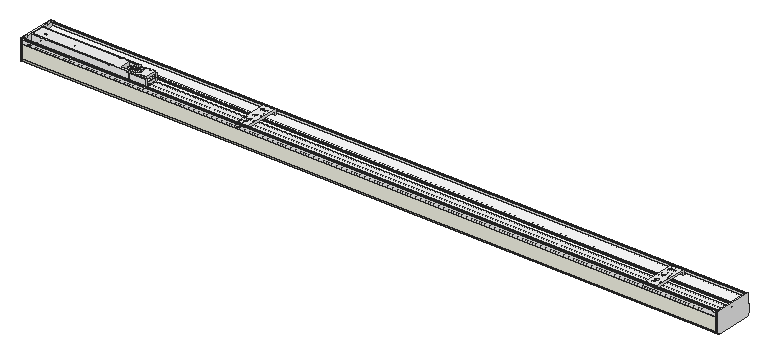
Revit family "STL23941_30_40_50", category Luminárias, Revit 2023
Family settings
  Hospedeiro = Forro
  Cota do conector redondo = Utilizar diâmetro
  Tipo de parte = Normal
  Número OmniClass = 23.80.70.11
  Título OmniClass = Luminaries for Internal Lighting
  Sempre na vertical = Sim
  Corte com vazios quando carregada = Não
  Fonte luminosa = Sim
  Manter orientação da anotação = Não
  Compartilhado = Não
  Ponto de cálculo do ambiente = Não
Parameters (values of type "STL23941/30 - BRANCO - 3000K - 3600lm - 140º")
  Ângulo de inclinação = 90.00°
  Ângulo de Abertura = "140º"
  Wattage = 24.2356 W
  URL = "https://stella.com.br/"
  Troca de temperatura da cor de lâmpada com esmaecimento = <Nenhum>
  Tensão Elétrica = "100V-240V"
  built-in parameter 1150107 = 3000 (stored number, unit not read)
  Temperatura da cor (K) = 3000 K
  Referência = "STL23941/30 - BRANCO"
  Potência = 32 W
  built-in parameter 1150110 = 1 (stored number, unit not read)
  built-in parameter 1150109 = 1 (stored number, unit not read)
  built-in parameter 1114218 = 1 (stored number, unit not read)
  built-in parameter 1150112 = 1 (stored number, unit not read)
  built-in parameter 1150113 = 1 (stored number, unit not read)
  built-in parameter 1150132 = 2
  built-in parameter 1150137 = (empty or 0)
  Modelo = "Plane"
  Luminoso = Luminoso - 3000K
  built-in parameter 1150106 = 2.8648 (stored number, unit not read)
  Largura = 0.067 m
  built-in parameter 1150102 = (empty or 0)
  built-in parameter 1150105 = 286.48 (stored number, unit not read)
  IRC (Índice de reprodução de cores) = ">80"
  Grau de proteção (IP) = "IP20"
  Fluxo Luminoso = 3600 lm
  Color Filter = 16777215
  built-in parameter 1114217 = 1 (stored number, unit not read)
  built-in parameter 1150139 = (empty or 0)
  Fabricante = "Stella"
  Estrutura = Al - Branco
  Default Elevation = 0.00 m
  built-in parameter 1150104 = 13.8 (stored number, unit not read)
  Dimerização = "Não dimerizável"
  built-in parameter 1150115 = 1 (stored number, unit not read)
  built-in parameter 1150114 = 1 (stored number, unit not read)
  Lumens = 3600 lm
  built-in parameter 1150138 = (empty or 0)
  built-in parameter 1150134 = (empty or 0)
  Comprimento = 1.20 m
  Arquivo de rede fotométrica = "STELLA - STL23941-30 - LUMINARIA DE SOBREPOR PLANE 120CM.ies"
  Altura = 0.036 m
  built-in parameter 1150133 = 10 (stored number, unit not read)
Types (4, lengths in m): name | Wattage | built-in parameter 1150107 | Temperatura da cor (K) | Referência | Luminoso | built-in parameter 1150106 | built-in parameter 1150105 | Fluxo Luminoso | Lumens | built-in parameter 1150134 | Arquivo de rede fotométrica
  (no name) | 24.2356 W | 3000 (stored number, unit not read) | 3000 K | "STL23941/30 - BRANCO" | Luminoso - 3000K | 2.8648 (stored number, unit not read) | 286.48 (stored number, unit not read) | 3600 lm | 3600 lm | (empty or 0) | "STELLA - STL23941-30 - LUMINARIA DE SOBREPOR PLANE 120CM.ies"
  STL23941/30 - BRANCO - 3000K - 3600lm - 140º | 24.2356 W | 3000 (stored number, unit not read) | 3000 K | "STL23941/30 - BRANCO" | Luminoso - 3000K | 2.8648 (stored number, unit not read) | 286.48 (stored number, unit not read) | 3600 lm | 3600 lm | (empty or 0) | "STELLA - STL23941-30 - LUMINARIA DE SOBREPOR PLANE 120CM.ies"
  STL23941/40 - BRANCO - 4000K - 3800lm - 140° | 25.582 W | 4000 (stored number, unit not read) | 4000 K | "STL23941/40 - BRANCO" | Luminoso - 4000K | 3.0239 (stored number, unit not read) | 302.39 (stored number, unit not read) | 3800 lm | 3800 lm | 12 | "STELLA - STL23941-40 - LUMINARIA DE SOBREPOR PLANE 120 CM.ies"
  STL23941/50 - BRANCO - 5000K - 4000lm - 140° | 26.9284 W | 5000 (stored number, unit not read) | 5000 K | "STL23941/50 - BRANCO" | Luminoso - 5000K | 3.1831 (stored number, unit not read) | 318.31 (stored number, unit not read) | 4000 lm | 4000 lm | 2 | "STELLA - STL23941-50 - LUMINARIA DE SOBREPOR PLANE 120 CM.ies"
Reference planes (m)
  plane 1 "Eixo de origem da luz (F/T)": y = 0
  plane 2 "Forro": z = 2.4384
  plane 3 "Eixo de origem da luz (E/D)": x = 0
  plane 4 "Elevação da origem da luz": z = 2.2344
  plane 5: y = 0.0335
  plane 6: y = -0.0335
  plane 7: x = -0.6
  plane 8: x = 0.6
  plane 9 "Inferior": z = 2.4024
  plane 10 "Superior": z = 2.4384
  plane 11 "Conector": z = 2.4204
Forms (m)
  Extrusion 1, solid, material "Luminoso - 3000K" <- "Luminoso"
    sketch origin (0, 0, 0.001) x (0, 1, 0) y (0, 0, 1)
      loop
        line (-0.033, 2.429284) -> (-0.033, 2.4064)
        arc (-0.033, 2.4064) -> (-0.031828, 2.403572) -> (-0.029, 2.4024) r 0.004
        line (-0.029, 2.4024) -> (0.029, 2.4024)
        arc (0.029, 2.4024) -> (0.031828, 2.403572) -> (0.033, 2.4064) r 0.004
        line (0.033, 2.4064) -> (0.033, 2.429284) -> (0.0319, 2.429284) -> (0.0319, 2.406449)
        arc (0.0319, 2.406449) -> (0.030981, 2.404333) -> (0.028846, 2.403461) r 0.003057
        line (0.028846, 2.403461) -> (-0.028846, 2.403461)
        arc (-0.028846, 2.403461) -> (-0.030981, 2.404333) -> (-0.0319, 2.406449) r 0.003057
        line (-0.0319, 2.406449) -> (-0.0319, 2.429284) -> (-0.033, 2.429284)
    from -0.5952 to 0.5952
  Extrusion 2, solid, material "Al - Branco" <- "Estrutura"
    sketch origin (0.3, 0, 0) x (0, 1, 0) y (0, 0, 1)
      loop
        arc (-0.0318, 2.4384) -> (-0.032649, 2.438049) -> (-0.033, 2.4372) r 0.0012
        line (-0.033, 2.4372) -> (-0.033, 2.4074)
        arc (-0.033, 2.4074) -> (-0.031828, 2.404572) -> (-0.029, 2.4034) r 0.004
        line (-0.029, 2.4034) -> (0.029, 2.4034)
        arc (0.029, 2.4034) -> (0.031828, 2.404572) -> (0.033, 2.4074) r 0.004
        line (0.033, 2.4074) -> (0.033, 2.4372)
        arc (0.033, 2.4372) -> (0.032649, 2.438049) -> (0.0318, 2.4384) r 0.0012
        line (0.0318, 2.4384) -> (-0.0318, 2.4384)
    from 0.2952 to 0.2975
  Extrusion 3, solid, material "Al - Branco" <- "Estrutura"
    sketch origin (0, 0, 0) x (0, 1, 0) y (0, 0, 1)
      loop
        line (-0.033, 2.4372) -> (-0.033, 2.430284) -> (-0.0319, 2.430284) -> (-0.020538, 2.42575) -> (-0.020945, 2.424728)
        arc (-0.020945, 2.424728) -> (-0.020937, 2.424116) -> (-0.020499, 2.423688) r 0.0008
        line (-0.020499, 2.423688) -> (-0.019384, 2.423244)
        spline (-0.019384, 2.423244) -> (-0.019338, 2.42324) -> (-0.019284, 2.423261) -> (-0.019227, 2.423307) -> (-0.019171, 2.423374) -> (-0.019119, 2.423457) -> (-0.019075, 2.423551) -> (-0.019042, 2.423649) -> (-0.019023, 2.423745) -> (-0.019018, 2.423832) -> (-0.019027, 2.423905) -> (-0.019051, 2.423957) -> (-0.019088, 2.423987)
        line (-0.019088, 2.423987) -> (-0.020295, 2.424468) -> (-0.019888, 2.42549) -> (-0.0119, 2.422302) -> (-0.012308, 2.421281) -> (-0.013515, 2.421763)
        spline (-0.013515, 2.421763) -> (-0.013562, 2.421766) -> (-0.013616, 2.421745) -> (-0.013672, 2.421699) -> (-0.013729, 2.421632) -> (-0.013781, 2.421549) -> (-0.013824, 2.421455) -> (-0.013857, 2.421357) -> (-0.013877, 2.421261) -> (-0.013882, 2.421174) -> (-0.013872, 2.421101) -> (-0.013848, 2.421049) -> (-0.013812, 2.42102)
        line (-0.013812, 2.42102) -> (-0.012697, 2.420575)
        arc (-0.012697, 2.420575) -> (-0.012085, 2.420583) -> (-0.011658, 2.421021) r 0.0008
        line (-0.011658, 2.421021) -> (-0.011307, 2.4219) -> (-0.005, 2.4219) -> (-0.005, 2.4208)
        arc (-0.005, 2.4208) -> (-0.004766, 2.420234) -> (-0.0042, 2.42) r 0.0008
        line (-0.0042, 2.42) -> (-0.003, 2.42)
        spline (-0.003, 2.42) -> (-0.00293, 2.420014) -> (-0.002865, 2.420054) -> (-0.00281, 2.420117) -> (-0.002767, 2.4202) -> (-0.00274, 2.420296) -> (-0.002731, 2.4204) -> (-0.00274, 2.420504) -> (-0.002767, 2.4206) -> (-0.00281, 2.420683) -> (-0.002865, 2.420746) -> (-0.00293, 2.420786) -> (-0.003, 2.4208)
        line (-0.003, 2.4208) -> (-0.0043, 2.4208) -> (-0.0043, 2.4219) -> (0.0043, 2.4219) -> (0.0043, 2.4208) -> (0.003, 2.4208)
        spline (0.003, 2.4208) -> (0.00293, 2.420786) -> (0.002865, 2.420746) -> (0.00281, 2.420683) -> (0.002767, 2.4206) -> (0.00274, 2.420504) -> (0.002731, 2.4204) -> (0.00274, 2.420296) -> (0.002767, 2.4202) -> (0.00281, 2.420117) -> (0.002865, 2.420054) -> (0.00293, 2.420014) -> (0.003, 2.42)
        line (0.003, 2.42) -> (0.0042, 2.42)
        arc (0.0042, 2.42) -> (0.004766, 2.420234) -> (0.005, 2.4208) r 0.0008
        line (0.005, 2.4208) -> (0.005, 2.4219) -> (0.011307, 2.4219) -> (0.011658, 2.421021)
        arc (0.011658, 2.421021) -> (0.012085, 2.420583) -> (0.012697, 2.420575) r 0.0008
        line (0.012697, 2.420575) -> (0.013812, 2.42102)
        spline (0.013812, 2.42102) -> (0.013848, 2.421049) -> (0.013872, 2.421101) -> (0.013882, 2.421174) -> (0.013877, 2.421261) -> (0.013857, 2.421357) -> (0.013824, 2.421455) -> (0.013781, 2.421549) -> (0.013729, 2.421632) -> (0.013672, 2.421699) -> (0.013616, 2.421745) -> (0.013562, 2.421766) -> (0.013515, 2.421763)
        line (0.013515, 2.421763) -> (0.012308, 2.421281) -> (0.0119, 2.422302) -> (0.019888, 2.42549) -> (0.020295, 2.424468) -> (0.019088, 2.423987)
        spline (0.019088, 2.423987) -> (0.019051, 2.423957) -> (0.019027, 2.423905) -> (0.019018, 2.423832) -> (0.019023, 2.423745) -> (0.019042, 2.423649) -> (0.019075, 2.423551) -> (0.019119, 2.423457) -> (0.019171, 2.423374) -> (0.019227, 2.423307) -> (0.019284, 2.423261) -> (0.019338, 2.42324) -> (0.019384, 2.423244)
        line (0.019384, 2.423244) -> (0.020499, 2.423688)
        arc (0.020499, 2.423688) -> (0.020937, 2.424116) -> (0.020945, 2.424728) r 0.0008
        line (0.020945, 2.424728) -> (0.020538, 2.42575) -> (0.0319, 2.430284) -> (0.033, 2.430284) -> (0.033, 2.4372)
        arc (0.033, 2.4372) -> (0.032649, 2.438049) -> (0.0318, 2.4384) r 0.0012
        line (0.0318, 2.4384) -> (0.0302, 2.4384)
        spline (0.0302, 2.4384) -> (0.03014, 2.438383) -> (0.030084, 2.438333) -> (0.030036, 2.438254) -> (0.03, 2.43815) -> (0.029976, 2.438029) -> (0.029969, 2.4379) -> (0.029976, 2.437771) -> (0.03, 2.43765) -> (0.030036, 2.437546) -> (0.030084, 2.437467) -> (0.03014, 2.437417) -> (0.0302, 2.4374)
        line (0.0302, 2.4374) -> (0.032, 2.4374) -> (0.032, 2.431401) -> (0.01572, 2.424903) -> (0.015312, 2.425925)
        arc (0.015312, 2.425925) -> (0.014885, 2.426364) -> (0.014273, 2.426372) r 0.0008
        line (0.014273, 2.426372) -> (0.013344, 2.426001)
        spline (0.013344, 2.426001) -> (0.013302, 2.425969) -> (0.013272, 2.425915) -> (0.013258, 2.425841) -> (0.01326, 2.425752) -> (0.013277, 2.425655) -> (0.013309, 2.425557) -> (0.013354, 2.425463) -> (0.013408, 2.425381) -> (0.013468, 2.425315) -> (0.013529, 2.425271) -> (0.013588, 2.425252) -> (0.01364, 2.425258)
        line (0.01364, 2.425258) -> (0.014662, 2.425666) -> (0.01507, 2.424644) -> (0.0107, 2.4229) -> (-0.0107, 2.4229) -> (-0.01507, 2.424644) -> (-0.014662, 2.425666) -> (-0.01364, 2.425258)
        spline (-0.01364, 2.425258) -> (-0.013588, 2.425252) -> (-0.013529, 2.425271) -> (-0.013468, 2.425315) -> (-0.013408, 2.425381) -> (-0.013354, 2.425463) -> (-0.013309, 2.425557) -> (-0.013277, 2.425655) -> (-0.01326, 2.425752) -> (-0.013258, 2.425841) -> (-0.013272, 2.425915) -> (-0.013302, 2.425969) -> (-0.013344, 2.426001)
        line (-0.013344, 2.426001) -> (-0.014273, 2.426372)
        arc (-0.014273, 2.426372) -> (-0.014885, 2.426364) -> (-0.015312, 2.425925) r 0.0008
        line (-0.015312, 2.425925) -> (-0.01572, 2.424903) -> (-0.032, 2.431401) -> (-0.032, 2.4374) -> (-0.0302, 2.4374)
        spline (-0.0302, 2.4374) -> (-0.03014, 2.437417) -> (-0.030084, 2.437467) -> (-0.030036, 2.437546) -> (-0.03, 2.43765) -> (-0.029976, 2.437771) -> (-0.029969, 2.4379) -> (-0.029976, 2.438029) -> (-0.03, 2.43815) -> (-0.030036, 2.438254) -> (-0.030084, 2.438333) -> (-0.03014, 2.438383) -> (-0.0302, 2.4384)
        line (-0.0302, 2.4384) -> (-0.0318, 2.4384)
        arc (-0.0318, 2.4384) -> (-0.032649, 2.438049) -> (-0.033, 2.4372) r 0.0012
    from -0.5952 to 0.5952
  Extrusion 4, solid, material "Al - Branco" <- "Estrutura"
    sketch origin (-0.3, 0, 0) x (0, 1, 0) y (0, 0, -1)
      loop
        line (-0.0318, -2.4384) -> (0.0318, -2.4384)
        arc (0.0318, -2.4384) -> (0.032649, -2.438049) -> (0.033, -2.4372) r 0.0012
        line (0.033, -2.4372) -> (0.033, -2.4074)
        arc (0.033, -2.4074) -> (0.031828, -2.404572) -> (0.029, -2.4034) r 0.004
        line (0.029, -2.4034) -> (-0.029, -2.4034)
        arc (-0.029, -2.4034) -> (-0.031828, -2.404572) -> (-0.033, -2.4074) r 0.004
        line (-0.033, -2.4074) -> (-0.033, -2.4372)
        arc (-0.033, -2.4372) -> (-0.032649, -2.438049) -> (-0.0318, -2.4384) r 0.0012
    from 0.2952 to 0.2975
  Extrusion 5, void
    sketch origin (-0.3, 0, 0) x (0, 1, 0) y (0, 0, -1)
      loop
        line (-0.02846, -2.4384) -> (-0.02004, -2.4384) -> (-0.02025, -2.4344) -> (-0.02825, -2.4344) -> (-0.02846, -2.4384)
    from 0.2952 to 0.2963
  Extrusion 6, void
    sketch origin (-0.3, 0, 0) x (0, -1, 0) y (0, 0, 1)
      loop
        line (-0.02846, 2.4384) -> (-0.02825, 2.4344) -> (-0.02025, 2.4344) -> (-0.02004, 2.4384) -> (-0.02846, 2.4384)
    from 0.2952 to 0.2963
  Extrusion 7, void
    sketch origin (-0.3, 0, 0) x (0, 1, 0) y (0, 0, -1)
      loop
        line (0.003867, -2.432603) -> (0.002813, -2.431548) -> (-0.002812, -2.431548) -> (-0.003867, -2.432603) -> (0.003867, -2.432603)
      loop
        line (0.002813, -2.430142) -> (0.002813, -2.429087) -> (-0.002812, -2.429087) -> (-0.002812, -2.430142) -> (0.002813, -2.430142)
      loop
        line (-0.002812, -2.427681) -> (0.002813, -2.427681) -> (0.003867, -2.426626) -> (-0.003867, -2.426626) -> (-0.002812, -2.427681)
    from 0.29731 to 0.2975
  Extrusion 8, void
    sketch origin (0.3, 0, 0) x (0, 1, 0) y (0, 0, 1)
      loop
        line (-0.02846, 2.4384) -> (-0.02825, 2.4344) -> (-0.02025, 2.4344) -> (-0.02004, 2.4384) -> (-0.02846, 2.4384)
    from 0.2952 to 0.2963
  Extrusion 9, void
    sketch origin (0.3, 0, 0) x (0, -1, 0) y (0, 0, -1)
      loop
        line (-0.02846, -2.4384) -> (-0.02004, -2.4384) -> (-0.02025, -2.4344) -> (-0.02825, -2.4344) -> (-0.02846, -2.4384)
    from 0.2952 to 0.2963
  Extrusion 10, void
    sketch origin (0.3, 0, 0) x (0, 1, 0) y (0, 0, 1)
      loop
        line (0.003867, 2.432603) -> (-0.003867, 2.432603) -> (-0.002812, 2.431548) -> (0.002813, 2.431548) -> (0.003867, 2.432603)
      loop
        line (0.002813, 2.430142) -> (-0.002812, 2.430142) -> (-0.002812, 2.429087) -> (0.002813, 2.429087) -> (0.002813, 2.430142)
      loop
        line (-0.002812, 2.427681) -> (-0.003867, 2.426626) -> (0.003867, 2.426626) -> (0.002813, 2.427681) -> (-0.002812, 2.427681)
    from 0.29731 to 0.2975
Cuts and joins
  Extrusion 5, Extrusion 6, Extrusion 7, Extrusion 8, Extrusion 9, Extrusion 10 cuts Extrusion 2
  Extrusion 5, Extrusion 6, Extrusion 7, Extrusion 8, Extrusion 9, Extrusion 10 cuts Extrusion 4
Dimensions and locks (m)
  equal spacing: host sketch curve, plane 3 "Eixo de origem da luz (E/D)", host sketch curve
  equal spacing: host sketch curve, plane 1 "Eixo de origem da luz (F/T)", host sketch curve
  host sketch curve to host sketch curve = 1.212 m
  host sketch curve to host sketch curve = 0.079 m
  "Altura": plane 10 "Superior" to plane 9 "Inferior"
  "Comprimento": plane 7 to plane 8
  "Largura": plane 5 to plane 6
Automatic sketch dimensions
  plane 6 to Extrusion 1 sketch curve = 0.0005 m
  Extrusion 1 sketch curve to Extrusion 1 sketch curve = 0.0011 m
  plane 9 "Inferior" to Extrusion 1 sketch curve = 0.001 m
  plane 6 to Extrusion 1 sketch curve = 0.0045 m
  Extrusion 1 sketch curve to Extrusion 1 sketch curve = 0.000154 m
  Extrusion 1 sketch curve to Extrusion 1 sketch curve = 0.000156 m  (x2)
  Extrusion 1 sketch curve to plane 5 = 0.004656 m
  Extrusion 1 sketch curve to Extrusion 1 sketch curve = 0.000002 m
  Extrusion 1 sketch curve to plane 5 = 0.0016 m
  Extrusion 1 sketch curve to plane 5 = 0.0005 m
  Extrusion 1 sketch curve to Extrusion 1 sketch curve = 0.001061 m
  Extrusion 1 sketch curve to Extrusion 1 sketch curve = 0.000049 m  (x2)
  Extrusion 1 sketch curve to plane 2 "Forro" = 0.008116 m  (x2)
  Extrusion 2 sketch curve to plane 2 "Forro" = 0.00 m
  plane 6 to Extrusion 2 sketch curve = 0.0005 m
  Extrusion 2 sketch curve to Extrusion 2 sketch curve = 0.0012 m
  plane 9 "Inferior" to Extrusion 2 sketch curve = 0.001 m
  plane 6 to Extrusion 2 sketch curve = 0.0045 m
  Extrusion 2 sketch curve to plane 5 = 0.0045 m
  Extrusion 2 sketch curve to plane 5 = 0.0017 m
  Extrusion 2 sketch curve to plane 5 = 0.0005 m
  Extrusion 3 sketch curve to plane 2 "Forro" = 0.00 m  (x2)
  Extrusion 3 sketch curve to plane 11 "Conector" = 0.00 m  (x2)
  plane 6 to Extrusion 3 sketch curve = 0.0005 m
  Extrusion 3 sketch curve to Extrusion 3 sketch curve = 0.001 m
  Extrusion 3 sketch curve to Extrusion 3 sketch curve = 0.0011 m
  Extrusion 3 sketch curve to Extrusion 3 sketch curve = 0.0002 m  (x2)
  Extrusion 3 sketch curve to Extrusion 3 sketch curve = 0.0016 m  (x2)
  plane 11 "Conector" to Extrusion 3 sketch curve = 0.004328 m  (x2)
  Extrusion 3 sketch curve to Extrusion 3 sketch curve = 0.010955 m
  plane 11 "Conector" to Extrusion 3 sketch curve = 0.00535 m
  Extrusion 3 sketch curve to Extrusion 3 sketch curve = 0.000408 m  (x2)
  plane 11 "Conector" to Extrusion 3 sketch curve = 0.003288 m  (x2)
  Extrusion 3 sketch curve to Extrusion 3 sketch curve = 0.000446 m
  plane 11 "Conector" to Extrusion 3 sketch curve = 0.004068 m
  Extrusion 3 sketch curve to Extrusion 3 sketch curve = 0.00065 m  (x10)
  Extrusion 3 sketch curve to Extrusion 3 sketch curve = 0.000093 m  (x5)
  plane 11 "Conector" to Extrusion 3 sketch curve = 0.00509 m  (x2)
  plane 11 "Conector" to Extrusion 3 sketch curve = 0.002844 m  (x2)
  Extrusion 3 sketch curve to Extrusion 3 sketch curve = 0.001115 m  (x2)
  plane 11 "Conector" to Extrusion 3 sketch curve = 0.004503 m  (x2)
  Extrusion 3 sketch curve to Extrusion 3 sketch curve = 0.003368 m  (x2)
  plane 11 "Conector" to Extrusion 3 sketch curve = 0.005525 m  (x2)
  plane 11 "Conector" to Extrusion 3 sketch curve = 0.004244 m
  plane 11 "Conector" to Extrusion 3 sketch curve = 0.005266 m  (x2)
  plane 11 "Conector" to Extrusion 3 sketch curve = 0.005972 m  (x2)
  Extrusion 3 sketch curve to Extrusion 3 sketch curve = 0.000297 m  (x5)
  plane 11 "Conector" to Extrusion 3 sketch curve = 0.00062 m  (x2)
  Extrusion 3 sketch curve to Extrusion 3 sketch curve = 0.001258 m
  plane 11 "Conector" to Extrusion 3 sketch curve = 0.004858 m  (x2)
  plane 11 "Conector" to Extrusion 3 sketch curve = 0.001363 m  (x2)
  plane 11 "Conector" to Extrusion 3 sketch curve = 0.005601 m  (x2)
  plane 11 "Conector" to Extrusion 3 sketch curve = 0.000175 m  (x2)
  plane 11 "Conector" to Extrusion 3 sketch curve = 0.000881 m  (x2)
  plane 11 "Conector" to Extrusion 3 sketch curve = 0.000621 m  (x2)
  plane 11 "Conector" to Extrusion 3 sketch curve = 0.0015 m  (x2)
  Extrusion 3 sketch curve to Extrusion 3 sketch curve = 0.000593 m  (x2)
  plane 11 "Conector" to Extrusion 3 sketch curve = 0.0025 m
  plane 1 "Eixo de origem da luz (F/T)" to Extrusion 3 sketch curve = 0.005 m
  Extrusion 3 sketch curve to Extrusion 3 sketch curve = 0.0007 m  (x2)
  Extrusion 3 sketch curve to plane 11 "Conector" = 0.0004 m
  Extrusion 3 sketch curve to Extrusion 3 sketch curve = 0.0001 m
  Extrusion 3 sketch curve to Extrusion 3 sketch curve = 0.0012 m  (x2)
  plane 11 "Conector" to Extrusion 3 sketch curve = 0.0004 m  (x2)
  Extrusion 3 sketch curve to plane 1 "Eixo de origem da luz (F/T)" = 0.003 m
  Extrusion 3 sketch curve to Extrusion 3 sketch curve = 0.0057 m
  Extrusion 3 sketch curve to Extrusion 3 sketch curve = 0.000607 m
  Extrusion 3 sketch curve to Extrusion 3 sketch curve = 0.000351 m
  plane 11 "Conector" to Extrusion 3 sketch curve = 0.001902 m
  Extrusion 3 sketch curve to Extrusion 3 sketch curve = 0.001444 m
  Extrusion 3 sketch curve to Extrusion 3 sketch curve = 0.000929 m
  plane 11 "Conector" to Extrusion 3 sketch curve = 0.003587 m
  Extrusion 3 sketch curve to plane 2 "Forro" = 0.001 m  (x2)
  Extrusion 3 sketch curve to plane 5 = 0.0033 m
  Extrusion 3 sketch curve to plane 5 = 0.0016 m
  Extrusion 3 sketch curve to plane 5 = 0.0005 m
  Extrusion 3 sketch curve to Extrusion 3 sketch curve = 0.00 m
  Extrusion 3 sketch curve to Extrusion 3 sketch curve = 0.000259 m
  Extrusion 4 sketch curve to plane 2 "Forro" = 0.00 m
  plane 6 to Extrusion 4 sketch curve = 0.0005 m
  Extrusion 4 sketch curve to plane 2 "Forro" = 0.0012 m
  plane 9 "Inferior" to Extrusion 4 sketch curve = 0.001 m
  plane 6 to Extrusion 4 sketch curve = 0.0045 m
  Extrusion 4 sketch curve to plane 5 = 0.0045 m
  Extrusion 4 sketch curve to plane 5 = 0.0017 m
  Extrusion 4 sketch curve to plane 5 = 0.0005 m
  Extrusion 5 sketch curve to plane 2 "Forro" = 0.00 m
  plane 6 to Extrusion 5 sketch curve = 0.00504 m
  Extrusion 5 sketch curve to Extrusion 5 sketch curve = 0.00021 m  (x2)
  Extrusion 5 sketch curve to plane 2 "Forro" = 0.004 m
  Extrusion 5 sketch curve to Extrusion 5 sketch curve = 0.008 m
  Extrusion 6 sketch curve to plane 2 "Forro" = 0.00 m
  Extrusion 6 sketch curve to plane 5 = 0.00504 m
  Extrusion 6 sketch curve to Extrusion 6 sketch curve = 0.00021 m  (x2)
  Extrusion 6 sketch curve to plane 2 "Forro" = 0.004 m
  Extrusion 6 sketch curve to Extrusion 6 sketch curve = 0.008 m
  plane 1 "Eixo de origem da luz (F/T)" to Extrusion 7 sketch curve = 0.003867 m  (x2)
  Extrusion 7 sketch curve to Extrusion 7 sketch curve = 0.001055 m  (x6)
  Extrusion 7 sketch curve to Extrusion 7 sketch curve = 0.00 m  (x4)
  Extrusion 7 sketch curve to plane 1 "Eixo de origem da luz (F/T)" = 0.002813 m
  Extrusion 7 sketch curve to plane 2 "Forro" = 0.005797 m
  Extrusion 7 sketch curve to Extrusion 7 sketch curve = 0.001406 m  (x2)
  Extrusion 8 sketch curve to plane 2 "Forro" = 0.00 m
  plane 6 to Extrusion 8 sketch curve = 0.00504 m
  Extrusion 8 sketch curve to Extrusion 8 sketch curve = 0.00021 m  (x2)
  Extrusion 8 sketch curve to plane 2 "Forro" = 0.004 m
  Extrusion 8 sketch curve to Extrusion 8 sketch curve = 0.008 m
  Extrusion 9 sketch curve to plane 2 "Forro" = 0.00 m
  Extrusion 9 sketch curve to plane 5 = 0.00504 m
  Extrusion 9 sketch curve to Extrusion 9 sketch curve = 0.00021 m  (x2)
  Extrusion 9 sketch curve to plane 2 "Forro" = 0.004 m
  Extrusion 9 sketch curve to Extrusion 9 sketch curve = 0.008 m
  plane 1 "Eixo de origem da luz (F/T)" to Extrusion 10 sketch curve = 0.003867 m  (x2)
  Extrusion 10 sketch curve to Extrusion 10 sketch curve = 0.001055 m  (x6)
  Extrusion 10 sketch curve to Extrusion 10 sketch curve = 0.00 m  (x4)
  Extrusion 10 sketch curve to plane 1 "Eixo de origem da luz (F/T)" = 0.002813 m
  plane 11 "Conector" to Extrusion 10 sketch curve = 0.006226 m
  Extrusion 10 sketch curve to Extrusion 10 sketch curve = 0.001406 m  (x2)
Nested families (m)
  nested 1: "Engate" at (0.479956, 0, 2.43009) x (0, -1, 0) z (0, 0, 1), type "Engate"
  nested 2: "Engate" at (-0.220044, 0, 2.43009) x (0, -1, 0) z (0, 0, 1), type "Engate"
  nested 3: "Fonte" at (-0.4974, 0, 2.4229) x (-1, 0, 0) z (0, 0, 1), type "Fonte"
Connectors (m)
  electrical at (0, 0, 2.4204)
    settings: index 1, voltage 0 V, apparent load 0 VA, apparent load phase1 0 VA, apparent load phase2 0 VA, apparent load phase3 0 VA, power factor 1, load classification "Outro", number of poles 1, system type 31, power factor state 1, is connector primary yes, connector utility no, sub classification motor no, connector description ""
Definition of nested family "Engate"
  Parameters (values of type "Engate")
    Estrutura = none
    Default Elevation = 0.00 m
  Reference planes (m)
    plane 1 "Centro (Frente/Trás)": y = 0
    plane 2: z = 0
    plane 3 "Centro (Esquerda/Direita)": x = 0
    plane 4: y = 0.009956
    plane 5: y = -0.009956
    plane 6: x = -0.032107
    plane 7: x = 0.032107
    plane 8: z = 0.00831
  Forms (m)
    Extrusion 1, solid, material <- "Estrutura"
      sketch origin (0, 0, 0) x (1, 0, 0) y (0, 0, 1)
        loop
          line (-0.02746, 0.0049) -> (0.02746, 0.0049) -> (0.027716, 0) -> (0.028522, 0)
          arc (0.028522, 0) -> (0.029009, 0.000226) -> (0.029277, 0.000692) r 0.00089
          line (0.029277, 0.000692) -> (0.029506, 0.003307) -> (0.032, 0.006176) -> (0.032, 0.00731) -> (0.029853, 0.00731)
          arc (0.029853, 0.00731) -> (0.029707, 0.007886) -> (0.029292, 0.00831) r 0.001139
          line (0.029292, 0.00831) -> (-0.029292, 0.00831)
          arc (-0.029292, 0.00831) -> (-0.029707, 0.007886) -> (-0.029853, 0.00731) r 0.001139
          line (-0.029853, 0.00731) -> (-0.032, 0.00731) -> (-0.032, 0.006176) -> (-0.029506, 0.003307) -> (-0.029277, 0.000692)
          arc (-0.029277, 0.000692) -> (-0.029009, 0.000226) -> (-0.028522, 0) r 0.00089
          line (-0.028522, 0) -> (-0.027716, 0) -> (-0.02746, 0.0049)
      from -0.009956 to 0.009956
    Extrusion 2, void
      sketch origin (0, 0, 0) x (1, 0, 0) y (0, 1, 0)
        loop
          arc (-0.01319, 0.003) -> (-0.018, 0.00781) -> (-0.02281, 0.003) r 0.00481
          line (-0.02281, 0.003) -> (-0.02281, -0.003)
          arc (-0.02281, -0.003) -> (-0.018, -0.00781) -> (-0.01319, -0.003) r 0.00481
          line (-0.01319, -0.003) -> (-0.01319, 0.003)
        loop
          line (-0.02746, 0.00831) -> (-0.02746, 0.00419) -> (-0.024583, 0.00419)
          arc (-0.024583, 0.00419) -> (-0.023711, 0.006485) -> (-0.022069, 0.00831) r 0.00669
          line (-0.022069, 0.00831) -> (-0.02746, 0.00831)
        loop
          line (-0.02746, 0.00231) -> (-0.02746, -0.00231) -> (-0.02469, -0.00231) -> (-0.02469, 0.00231) -> (-0.02746, 0.00231)
        loop
          line (-0.02746, -0.00831) -> (-0.022069, -0.00831)
          arc (-0.022069, -0.00831) -> (-0.023711, -0.006485) -> (-0.024583, -0.00419) r 0.00669
          line (-0.024583, -0.00419) -> (-0.02746, -0.00419) -> (-0.02746, -0.00831)
        loop
          line (-0.01131, 0.00231) -> (-0.01131, -0.00231) -> (-0.006289, -0.00231)
          arc (-0.006289, -0.00231) -> (-0.0067, 0) -> (-0.006289, 0.00231) r 0.0067
          line (-0.006289, 0.00231) -> (-0.01131, 0.00231)
        loop
          line (-0.011417, 0.00419) -> (-0.005228, 0.00419)
          arc (-0.005228, 0.00419) -> (-0.003317, 0.005821) -> (-0.00094, 0.006634) r 0.0067
          line (-0.00094, 0.006634) -> (-0.00094, 0.00831) -> (-0.013931, 0.00831)
          arc (-0.013931, 0.00831) -> (-0.012289, 0.006485) -> (-0.011417, 0.00419) r 0.00669
        loop
          arc (-0.011417, -0.00419) -> (-0.012289, -0.006485) -> (-0.013931, -0.00831) r 0.00669
          line (-0.013931, -0.00831) -> (-0.00094, -0.00831) -> (-0.00094, -0.006634)
          arc (-0.00094, -0.006634) -> (-0.003317, -0.005821) -> (-0.005228, -0.00419) r 0.0067
          line (-0.005228, -0.00419) -> (-0.011417, -0.00419)
        loop
          circle (0, 0) r 0.00481
        loop
          line (0.00094, 0.00831) -> (0.00094, 0.006634)
          arc (0.00094, 0.006634) -> (0.003317, 0.005821) -> (0.005228, 0.00419) r 0.0067
          line (0.005228, 0.00419) -> (0.009785, 0.00419)
          arc (0.009785, 0.00419) -> (0.012108, 0.006033) -> (0.015, 0.00669) r 0.00669
          line (0.015, 0.00669) -> (0.02, 0.00669)
          arc (0.02, 0.00669) -> (0.022892, 0.006033) -> (0.025215, 0.00419) r 0.00669
          line (0.025215, 0.00419) -> (0.02746, 0.00419) -> (0.02746, 0.00831) -> (0.00094, 0.00831)
        loop
          arc (0.0065, 0) -> (0.006374, -0.001275) -> (0.006, -0.0025) r 0.0065
          line (0.006, -0.0025) -> (0.009, -0.0025)
          arc (0.009, -0.0025) -> (0.008626, -0.001275) -> (0.0085, 0) r 0.0065
          arc (0.0085, 0) -> (0.008626, 0.001275) -> (0.009, 0.0025) r 0.0065
          line (0.009, 0.0025) -> (0.006, 0.0025)
          arc (0.006, 0.0025) -> (0.006374, 0.001275) -> (0.0065, 0) r 0.0065
        loop
          arc (0.015, 0.00481) -> (0.01019, 0) -> (0.015, -0.00481) r 0.00481
          line (0.015, -0.00481) -> (0.02, -0.00481)
          arc (0.02, -0.00481) -> (0.02481, 0) -> (0.02, 0.00481) r 0.00481
          line (0.02, 0.00481) -> (0.015, 0.00481)
        loop
          line (0.02746, 0.00231) -> (0.026278, 0.00231)
          arc (0.026278, 0.00231) -> (0.02669, 0) -> (0.026278, -0.00231) r 0.00669
          line (0.026278, -0.00231) -> (0.02746, -0.00231) -> (0.02746, 0.00231)
        loop
          line (0.00094, -0.00831) -> (0.02746, -0.00831) -> (0.02746, -0.00419) -> (0.025215, -0.00419)
          arc (0.025215, -0.00419) -> (0.022892, -0.006033) -> (0.02, -0.00669) r 0.00669
          line (0.02, -0.00669) -> (0.015, -0.00669)
          arc (0.015, -0.00669) -> (0.012108, -0.006033) -> (0.009785, -0.00419) r 0.00669
          line (0.009785, -0.00419) -> (0.005228, -0.00419)
          arc (0.005228, -0.00419) -> (0.003317, -0.005821) -> (0.00094, -0.006634) r 0.0067
          line (0.00094, -0.006634) -> (0.00094, -0.00831)
      from 0.0049 to 0.007
    Extrusion 3, void
      sketch origin (0, 0, 0) x (1, 0, 0) y (0, 1, 0)
        loop
          arc (-0.0201, -0.003) -> (-0.018, -0.0051) -> (-0.0159, -0.003) r 0.0021
          line (-0.0159, -0.003) -> (-0.0159, 0.003)
          arc (-0.0159, 0.003) -> (-0.018, 0.0051) -> (-0.0201, 0.003) r 0.0021
          line (-0.0201, 0.003) -> (-0.0201, -0.003)
        loop
          circle (0, 0) r 0.0021
        loop
          arc (0.015, 0.0021) -> (0.0129, 0) -> (0.015, -0.0021) r 0.0021
          line (0.015, -0.0021) -> (0.02, -0.0021)
          arc (0.02, -0.0021) -> (0.021485, -0.001485) -> (0.0221, 0) r 0.0021
          arc (0.0221, 0) -> (0.021485, 0.001485) -> (0.02, 0.0021) r 0.0021
          line (0.02, 0.0021) -> (0.015, 0.0021)
      from 0.0049 to 0.0085
  Cuts and joins
    Extrusion 2, Extrusion 3 cuts Extrusion 1
  Dimensions and locks (m)
    aligned and locked: level to plane 2
    aligned and locked: plane 4 to Extrusion 1
    aligned and locked: plane 5 to Extrusion 1
Definition of nested family "Fonte"
  Parameters (values of type "Fonte")
    Estrutura = none
    Default Elevation = 0.00 m
  Reference planes (m)
    plane 1 "Centro (Frente/Trás)": y = 0
    plane 2: z = 0
    plane 3 "Centro (Esquerda/Direita)": x = 0
    plane 4: y = 0.014743
    plane 5: y = -0.014743
    plane 6: x = -0.0978
    plane 7: x = 0.0978
    plane 8: z = 0.0152
  Forms (m)
    Extrusion 1, solid, material <- "Estrutura"
      sketch origin (0, 0, 0) x (0, 1, 0) y (0, 0, 1)
        loop
          line (-0.014624, 0.001581) -> (-0.0121, 0.000574) -> (-0.011628, 0.0141) -> (0.011628, 0.0141) -> (0.0121, 0.000574) -> (0.014624, 0.001581)
          spline (0.014624, 0.001581) -> (0.014663, 0.001612) -> (0.01469, 0.001665) -> (0.014702, 0.001739) -> (0.014698, 0.001826) -> (0.01468, 0.001923) -> (0.014647, 0.002021) -> (0.014603, 0.002115) -> (0.01455, 0.002198) -> (0.014492, 0.002264) -> (0.014433, 0.002309) -> (0.014377, 0.00233) -> (0.014328, 0.002324)
          line (0.014328, 0.002324) -> (0.0132, 0.001874) -> (0.012768, 0.014235)
          arc (0.012768, 0.014235) -> (0.012464, 0.014919) -> (0.011769, 0.0152) r 0.001
          line (0.011769, 0.0152) -> (-0.011769, 0.0152)
          arc (-0.011769, 0.0152) -> (-0.012464, 0.014919) -> (-0.012768, 0.014235) r 0.001
          line (-0.012768, 0.014235) -> (-0.0132, 0.001874) -> (-0.014328, 0.002324)
          spline (-0.014328, 0.002324) -> (-0.014377, 0.00233) -> (-0.014433, 0.002309) -> (-0.014492, 0.002264) -> (-0.01455, 0.002198) -> (-0.014603, 0.002115) -> (-0.014647, 0.002021) -> (-0.01468, 0.001923) -> (-0.014698, 0.001826) -> (-0.014702, 0.001739) -> (-0.01469, 0.001665) -> (-0.014663, 0.001612) -> (-0.014624, 0.001581)
      from -0.038675 to 0.0978
    Extrusion 2, solid, material <- "Estrutura"
      sketch origin (0, 0, 0) x (0, 1, 0) y (0, 0, 1)
        loop
          line (-0.014624, 0.001581) -> (-0.010662, 0) -> (0.010662, 0) -> (0.014624, 0.001581)
          spline (0.014624, 0.001581) -> (0.014663, 0.001612) -> (0.01469, 0.001665) -> (0.014702, 0.001739) -> (0.014698, 0.001826) -> (0.01468, 0.001923) -> (0.014647, 0.002021) -> (0.014603, 0.002115) -> (0.01455, 0.002198) -> (0.014492, 0.002264) -> (0.014433, 0.002309) -> (0.014377, 0.00233) -> (0.014328, 0.002324)
          line (0.014328, 0.002324) -> (0.0132, 0.001874) -> (0.012768, 0.014235)
          arc (0.012768, 0.014235) -> (0.012464, 0.014919) -> (0.011769, 0.0152) r 0.001
          line (0.011769, 0.0152) -> (-0.011769, 0.0152)
          arc (-0.011769, 0.0152) -> (-0.012464, 0.014919) -> (-0.012768, 0.014235) r 0.001
          line (-0.012768, 0.014235) -> (-0.0132, 0.001874) -> (-0.014328, 0.002324)
          spline (-0.014328, 0.002324) -> (-0.014377, 0.00233) -> (-0.014433, 0.002309) -> (-0.014492, 0.002264) -> (-0.01455, 0.002198) -> (-0.014603, 0.002115) -> (-0.014647, 0.002021) -> (-0.01468, 0.001923) -> (-0.014698, 0.001826) -> (-0.014702, 0.001739) -> (-0.01469, 0.001665) -> (-0.014663, 0.001612) -> (-0.014624, 0.001581)
      from -0.069234 to -0.037791
    Extrusion 3, void
      sketch origin (-0.023108, 0, 0) x (1, 0, 0) y (0, 1, 0)
        loop
          line (-0.043808, 0.008545) -> (-0.043808, 0.009345) -> (-0.046126, 0.009345) -> (-0.046126, -0.009324) -> (-0.043808, -0.009324) -> (-0.043808, -0.008524) -> (-0.030558, -0.007489) -> (-0.030558, 0.007511) -> (-0.043808, 0.008545)
      from 0.001142 to 0.0152
    Extrusion 4, solid, material <- "Estrutura"
      sketch origin (0, 0, 0) x (0, 1, 0) y (0, 0, 1)
        loop
          line (-0.014624, 0.001581) -> (-0.010662, 0) -> (0.010662, 0) -> (0.014624, 0.001581)
          spline (0.014624, 0.001581) -> (0.014663, 0.001612) -> (0.01469, 0.001665) -> (0.014702, 0.001739) -> (0.014698, 0.001826) -> (0.01468, 0.001923) -> (0.014647, 0.002021) -> (0.014603, 0.002115) -> (0.01455, 0.002198) -> (0.014492, 0.002264) -> (0.014433, 0.002309) -> (0.014377, 0.00233) -> (0.014328, 0.002324)
          line (0.014328, 0.002324) -> (0.012389, 0.001551) -> (0.012, 0.0127) -> (0.0105, 0.0127) -> (0.010298, 0.001142) -> (-0.010298, 0.001142) -> (-0.0105, 0.0127) -> (-0.012, 0.0127) -> (-0.012389, 0.001551) -> (-0.014328, 0.002324)
          spline (-0.014328, 0.002324) -> (-0.014377, 0.00233) -> (-0.014433, 0.002309) -> (-0.014492, 0.002264) -> (-0.01455, 0.002198) -> (-0.014603, 0.002115) -> (-0.014647, 0.002021) -> (-0.01468, 0.001923) -> (-0.014698, 0.001826) -> (-0.014702, 0.001739) -> (-0.01469, 0.001665) -> (-0.014663, 0.001612) -> (-0.014624, 0.001581)
      from -0.0978 to -0.069234
    Extrusion 5, solid, material <- "Estrutura"
      sketch origin (0, 0, 0) x (0, 1, 0) y (0, 0, 1)
        loop
          line (-0.0095, 0.0127) -> (-0.0105, 0.0127) -> (-0.010298, 0.001142) -> (-0.009298, 0.001142) -> (-0.0095, 0.0127)
        loop
          line (0.0095, 0.0127) -> (0.009298, 0.001142) -> (0.010298, 0.001142) -> (0.0105, 0.0127) -> (0.0095, 0.0127)
      from -0.0978 to -0.096648
    Extrusion 6, solid, material <- "Estrutura"
      sketch origin (-0.025004, 0, 0) x (1, 0, 0) y (0, 1, 0)
        loop
          line (-0.054393, 0.008722) -> (-0.054393, 0.009725)
          arc (-0.054393, 0.009725) -> (-0.054561, 0.01013) -> (-0.054966, 0.010298) r 0.000573
          line (-0.054966, 0.010298) -> (-0.070877, 0.010298)
          arc (-0.070877, 0.010298) -> (-0.071265, 0.010131) -> (-0.071432, 0.009727) r 0.000571
          line (-0.071432, 0.009727) -> (-0.071432, -0.009727)
          arc (-0.071432, -0.009727) -> (-0.071265, -0.010131) -> (-0.070861, -0.010298) r 0.000571
          line (-0.070861, -0.010298) -> (-0.054966, -0.010298)
          arc (-0.054966, -0.010298) -> (-0.054561, -0.01013) -> (-0.054393, -0.009725) r 0.000573
          line (-0.054393, -0.009725) -> (-0.054393, -0.008722)
          arc (-0.054393, -0.008722) -> (-0.054808, -0.008573) -> (-0.055247, -0.008522) r 0.001949
          arc (-0.055247, -0.008522) -> (-0.056403, -0.008203) -> (-0.057239, -0.007342) r 0.002284
          arc (-0.057239, -0.007342) -> (-0.059132, 0) -> (-0.057239, 0.007342) r 0.015185
          arc (-0.057239, 0.007342) -> (-0.056403, 0.008203) -> (-0.055247, 0.008522) r 0.002284
          arc (-0.055247, 0.008522) -> (-0.054808, 0.008573) -> (-0.054393, 0.008722) r 0.001949
      from 0.013 to 0.0152
    Extrusion 7, solid, material <- "Estrutura"
      sketch origin (-0.025004, 0, 0) x (1, 0, 0) y (0, 1, 0)
        loop
          arc (-0.070861, 0.010298) -> (-0.071265, 0.010131) -> (-0.071432, 0.009727) r 0.000571
          line (-0.071432, 0.009727) -> (-0.071432, -0.009727)
          arc (-0.071432, -0.009727) -> (-0.071265, -0.010131) -> (-0.070861, -0.010298) r 0.000571
          line (-0.070861, -0.010298) -> (-0.070032, -0.010298) -> (-0.070032, 0.010298) -> (-0.070861, 0.010298)
      from 0.0116 to 0.0152
    Extrusion 8, void
      sketch origin (0, 0, 0) x (1, 0, 0) y (0, 1, 0)
        loop
          line (-0.09215, 0.009408) -> (-0.08765, 0.009408) -> (-0.08765, 0.010912) -> (-0.09215, 0.010912) -> (-0.09215, 0.009408)
        loop
          line (-0.09215, -0.009394) -> (-0.09215, -0.010912) -> (-0.08765, -0.010912) -> (-0.08765, -0.009394) -> (-0.09215, -0.009394)
      from 0.013347 to 0.0152
    Extrusion 9, solid, material <- "Estrutura"
      sketch origin (0, 0, 0) x (1, 0, 0) y (0, 1, 0)
        loop
          line (-0.096648, 0.010298) -> (-0.096648, -0.012) -> (-0.095035, -0.012) -> (-0.095035, 0.010298) -> (-0.096648, 0.010298)
      from 0.001 to 0.0045
    Extrusion 10, solid, material <- "Estrutura"
      sketch origin (0, 0, 0) x (0, 1, 0) y (0, 0, 1)
        loop
          line (-0.012028, 0.00264) -> (0.012028, 0.00264) -> (0.011993, 0.00364) -> (-0.011993, 0.00364) -> (-0.012028, 0.00264)
      from -0.037791 to 0.0978
    Extrusion 11, solid, material <- "Estrutura"
      sketch origin (0, 0, 0) x (0, 1, 0) y (0, 0, 1)
        loop
          line (-0.0065, 0.013) -> (0.0065, 0.013) -> (0.0065, 0.001142) -> (0.011365, 0.001142) -> (0.0132, 0.001874) -> (0.012768, 0.014235)
          arc (0.012768, 0.014235) -> (0.012464, 0.014919) -> (0.011769, 0.0152) r 0.001
          line (0.011769, 0.0152) -> (-0.011769, 0.0152)
          arc (-0.011769, 0.0152) -> (-0.012464, 0.014919) -> (-0.012768, 0.014235) r 0.001
          line (-0.012768, 0.014235) -> (-0.0132, 0.001874) -> (-0.011365, 0.001142) -> (-0.0065, 0.001142) -> (-0.0065, 0.013)
      from -0.038675 to -0.037791
    Extrusion 12, solid, material <- "Estrutura"
      sketch origin (0.026892, 0, 0) x (1, 0, 0) y (0, 0, 1)
        loop
          line (-0.1019, 0.001142) -> (-0.080558, 0.001142) -> (-0.080666, 0.00736) -> (-0.080686, 0.008489)
          arc (-0.080686, 0.008489) -> (-0.082684, 0.01077) -> (-0.08557, 0.0117) r 0.00569
          line (-0.08557, 0.0117) -> (-0.090547, 0.0117) -> (-0.097384, 0.013122)
          arc (-0.097384, 0.013122) -> (-0.098181, 0.013155) -> (-0.098971, 0.013043) r 0.004379
          line (-0.098971, 0.013043) -> (-0.099133, 0.01226) -> (-0.089996, 0.01036)
          arc (-0.089996, 0.01036) -> (-0.089352, 0.010595) -> (-0.088671, 0.010513) r 0.001474
          line (-0.088671, 0.010513) -> (-0.088671, 0.0093) -> (-0.1019, 0.0093) -> (-0.1019, 0.001142)
      from -0.009942 to 0.009942
    Extrusion 13, void
      sketch origin (0.027992, 0, 0) x (1, 0, 0) y (0, 1, 0)
        loop
          line (-0.098695, 0.007871) -> (-0.089771, 0.007904) -> (-0.089771, 0.011021) -> (-0.105288, 0.011021) -> (-0.105288, 0.002031) -> (-0.100653, 0.002031) -> (-0.100653, -0.002031) -> (-0.105288, -0.002031) -> (-0.105288, -0.011021) -> (-0.089771, -0.011021) -> (-0.089771, -0.007904) -> (-0.098695, -0.007871)
          arc (-0.098695, -0.007871) -> (-0.0994, -0.007575) -> (-0.099691, -0.00687) r 0.000999
          line (-0.099691, -0.00687) -> (-0.099691, -0.003031)
          arc (-0.099691, -0.003031) -> (-0.099398, -0.002324) -> (-0.098692, -0.002032) r 0.000999
          line (-0.098692, -0.002032) -> (-0.091229, -0.002031)
          arc (-0.091229, -0.002031) -> (-0.090522, -0.001738) -> (-0.090229, -0.00103) r 0.001
          line (-0.090229, -0.00103) -> (-0.090229, 0.00103)
          arc (-0.090229, 0.00103) -> (-0.090522, 0.001738) -> (-0.091229, 0.002031) r 0.001
          line (-0.091229, 0.002031) -> (-0.098692, 0.002031)
          arc (-0.098692, 0.002031) -> (-0.099398, 0.002324) -> (-0.099691, 0.003031) r 0.000999
          line (-0.099691, 0.003031) -> (-0.099691, 0.00687)
          arc (-0.099691, 0.00687) -> (-0.0994, 0.007575) -> (-0.098695, 0.007871) r 0.000999
      from 0.009851 to 0.014559
    Extrusion 14, void
      sketch origin (0, 0, 0) x (1, 0, 0) y (0, 1, 0)
        loop
          line (-0.098857, 0.011781) -> (-0.092597, 0.015402) -> (-0.098857, 0.015402) -> (-0.098857, 0.011781)
        loop
          line (-0.098857, -0.011781) -> (-0.098857, -0.015402) -> (-0.092597, -0.015402) -> (-0.098857, -0.011781)
      from 0 to 0.01
  Cuts and joins
    Extrusion 3, Extrusion 14 cuts Extrusion 1
    Extrusion 3, Extrusion 14 cuts Extrusion 2
    Extrusion 14 cuts Extrusion 4
    Extrusion 14 cuts Extrusion 5
    Extrusion 14 cuts Extrusion 11
    joined: Extrusion 1, Extrusion 2, Extrusion 4, Extrusion 5, Extrusion 11
    Extrusion 8 cuts Extrusion 6
    joined: Extrusion 6, Extrusion 7
    Extrusion 13 cuts Extrusion 12
  Lines and regions (m)
    symbolic lines
      curve 1: line (0, 0, 0.018077) -> (0, 0, -0.004129)
      curve 2: line (0, -0.0065, 0.018077) -> (0, -0.0065, -0.004129)
      curve 3: line (0, 0.0065, 0.018077) -> (0, 0.0065, -0.004129)
      curve 4: line (0, -0.0165, 0.0152) -> (0, 0.020138, 0.0152)
      curve 5: line (0, -0.0165, 0.0137) -> (0, 0.020138, 0.0137)
  Dimensions and locks (m)
    aligned and locked: level to plane 2
